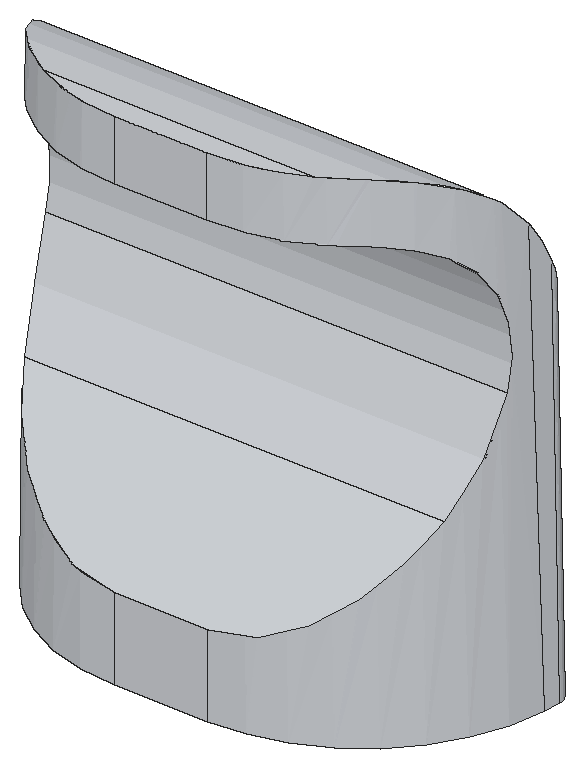
Revit family "Accessory-Cabinet_Knob-KOHLER-Avid-K-97030", category Specialty Equipment, host Face, Revit 2017
Family settings
  Host = Face
  Round Connector Dimension = Use Diameter
  Part Type = Normal
  OmniClass Number = 23.31.25.00
  OmniClass Title = Toilet and Bath Specialties
  Cut with Voids When Loaded = No
  Shared = No
  Room Calculation Point = No
Parameters (values of type "CP-Polished Chrome")
  Width = 1 5/16"  # constant formula
  WaterSense Certified = 1 = 0  # no
  URL = "https://www.us.kohler.com/us/"
  Type = 1
  Product Page URL = "http://www.us.kohler.com/us/catalog/productDetails.jsp?productNumber=97030"
  Product Name = "Avid"  # constant formula
  Product Documentation Link = "https://www.us.kohler.com/webassets/kpna/catalog/pdf/en/K-97030_spec.pdf"
  Model = if(Type = 1, "K-97030-CP", if(Type = 2, " K-97030-BN", "NA"))  # "K-97030-CP"
  Material = "Premium Metal Construction"  # constant formula
  Master Format 2014 Name = "Toilet, Bath, and Laundry Accessories"  # constant formula
  Master Format 2014 = "10 28 00"  # constant formula
  Manufacturer Address = "444 Highland Dr, Kohler, WI 53044"  # constant formula
  Manufacturer = "KOHLER Co."  # constant formula
  Length = 1 3/8"  # constant formula
  Height = 9/16"  # constant formula
  Finish = Kohler-Metal-CP-Polished_Chrome
  Environmental Product Declaration = ""
  Description = "cabinet knob"  # constant formula
  Default Elevation = 42"
  Declare Label = ""
  Date Modified = "03/31/2020"  # constant formula
  Date Created = "03/31/2020"  # constant formula
  Copyright = "Copyright KOHLER Co."  # constant formula
  Contact Us = "https://www.us.kohler.com/us/static/contact.jsp"
  Assembly Code = "C1030200"
  ADA Compliant = 1 = 0  # no
Types (2): name | Type | Model | Finish
  CP-Polished Chrome | 1 | "K-97030-CP" | Kohler-Metal-CP-Polished_Chrome
  BN-Vibrant Brushed Nickel | 2 | " K-97030-BN" | Kohler-Metal-BN-Vibrant_Brushed_Nickel
Reference planes (in)
  plane 1 "Center (Front/Back)": y = 0
  plane 2: z = 0
  plane 3 "Center (Left/Right)": x = 0
  plane 4: y = 0.28125
  plane 5: y = -0.28125
  plane 6: x = -0.65625
  plane 7: x = 0.65625
  plane 8: z = 1.375
Dimensions and locks (in)
  plane 4 to plane 5 = 9/16"
  "Width": plane 7 to plane 6
  "Height": plane 4 to plane 5
  "Length": level to plane 8
  aligned and locked: plane 2 to host face
  aligned and locked: level to host face
  aligned and locked: plane 3 "Center (Left/Right)" to nested 1
Automatic sketch dimensions
  host sketch curve to host sketch curve = 96"  (x2)
Nested families (in)
  nested 1: "K-97030" at (0, 0, 0), type "K-97030"
Definition of nested family "K-97030"
  Parameters (values of type "K-97030")
    Material = none
  Reference planes (in)
    plane 1 "Center (Front/Back)": y = 0
    plane 2: z = 0
    plane 3 "Center (Left/Right)": x = 0
    plane 4: y = 0.28125
    plane 5: y = -0.28125
    plane 6: z = 1.375
    plane 7: x = -0.65625
    plane 8: x = 0.65625
  Forms (in)
    Blend 1, solid, material <- "Material", detail levels medium+fine
      base sketch origin (0, 0, 0) x (1, 0, 0) y (0, 1, 0)
        loop
          line (0.62374, 0.28125) -> (-0.62374, 0.28125)
          arc (-0.62374, 0.28125) -> (-0.6478, 0.27066) -> (-0.65625, 0.24577) r 0.03263
          line (-0.65625, 0.24577) -> (-0.65238, 0.20158)
          arc (-0.65238, 0.20158) -> (-0.48281, -0.14229) -> (-0.12546, -0.28125) r 0.52893
          line (-0.12546, -0.28125) -> (0.12692, -0.28125)
          arc (0.12692, -0.28125) -> (0.48319, -0.1427) -> (0.65226, 0.20013) r 0.52734
          line (0.65226, 0.20013) -> (0.65625, 0.24577)
          arc (0.65625, 0.24577) -> (0.6478, 0.27066) -> (0.62374, 0.28125) r 0.03263
      top sketch origin (0, 0, 0) x (1, 0, 0) y (0, 1, 0)
        loop
          line (0.59609, 0.28125) -> (-0.59609, 0.28125)
          arc (-0.59609, 0.28125) -> (-0.62015, 0.27066) -> (-0.6286, 0.24577) r 0.03263
          line (-0.6286, 0.24577) -> (-0.62242, 0.17517)
          arc (-0.62242, 0.17517) -> (-0.46212, -0.14989) -> (-0.12433, -0.28125) r 0.5
          line (-0.12433, -0.28125) -> (0.12433, -0.28125)
          arc (0.12433, -0.28125) -> (0.46212, -0.14989) -> (0.62242, 0.17517) r 0.5
          line (0.62242, 0.17517) -> (0.6286, 0.24577)
          arc (0.6286, 0.24577) -> (0.62015, 0.27066) -> (0.59609, 0.28125) r 0.03263
      from 0 to 1.375
    Extrusion 2, void
      sketch origin (0, 0, 0) x (0, 1, 0) y (0, 0, 1)
        loop
          line (0.28125, 0.875) -> (0.28125, -0.03831) -> (0.40982, -0.03831) -> (0.40982, 1.52968) -> (-0.42481, 1.52968) -> (-0.42481, 0.04481) -> (-0.03216, 0.5297)
          arc (-0.03216, 0.5297) -> (0.05208, 0.6567) -> (0.11082, 0.79732) r 0.80332
          arc (0.11082, 0.79732) -> (0.06284, 1.08165) -> (-0.19453, 1.21169) r 0.31969
          line (-0.19453, 1.21169) -> (-0.28906, 1.21169) -> (-0.28906, 1.375) -> (-0.21875, 1.375)
          arc (-0.21875, 1.375) -> (0.1348, 1.22855) -> (0.28125, 0.875) r 0.5
      from -0.81865 to 0.80562
    Extrusion 3, solid, material <- "Material", detail levels coarse
      sketch origin (0, 0, 0) x (1, 0, 0) y (0, 1, 0)
        loop
          line (0.62374, 0.28125) -> (-0.62374, 0.28125)
          arc (-0.62374, 0.28125) -> (-0.6478, 0.27066) -> (-0.65625, 0.24577) r 0.03263
          line (-0.65625, 0.24577) -> (-0.65238, 0.20158)
          arc (-0.65238, 0.20158) -> (-0.48281, -0.14229) -> (-0.12546, -0.28125) r 0.52893
          line (-0.12546, -0.28125) -> (0.12546, -0.28125)
          arc (0.12546, -0.28125) -> (0.48281, -0.14229) -> (0.65238, 0.20158) r 0.52893
          line (0.65238, 0.20158) -> (0.65625, 0.24577)
          arc (0.65625, 0.24577) -> (0.6478, 0.27066) -> (0.62374, 0.28125) r 0.03263
      from 0 to 1.375
  Cuts and joins
    Extrusion 2 cuts Blend 1
  Lines and regions (in)
    Masking region 1
      outline origin (0, 0, 0) x (0, 1, 0) y (0, 0, 1)
        loop
          arc (0.28125, 0.875) -> (0.1348, 1.22855) -> (-0.21875, 1.375) r 0.5
          line (-0.21875, 1.375) -> (-0.25638, 1.375)
          arc (-0.25638, 1.375) -> (-0.27397, 1.36772) -> (-0.28125, 1.35013) r 0.02487
          line (-0.28125, 1.35013) -> (-0.28125, 1.23531)
          arc (-0.28125, 1.23531) -> (-0.27433, 1.21861) -> (-0.25763, 1.21169) r 0.02362
          line (-0.25763, 1.21169) -> (-0.19453, 1.21169)
          arc (-0.19453, 1.21169) -> (0.06284, 1.08165) -> (0.11082, 0.79732) r 0.31969
          arc (0.11082, 0.79732) -> (0.05208, 0.6567) -> (-0.03216, 0.5297) r 0.80332
          line (-0.03216, 0.5297) -> (-0.26631, 0.24054)
          arc (-0.26631, 0.24054) -> (-0.27741, 0.22073) -> (-0.28125, 0.19836) r 0.06703
          line (-0.28125, 0.19836) -> (-0.28125, 0.03906)
          arc (-0.28125, 0.03906) -> (-0.26981, 0.01144) -> (-0.24219, 0) r 0.03906
          line (-0.24219, 0) -> (0.24219, 0)
          arc (0.24219, 0) -> (0.26981, 0.01144) -> (0.28125, 0.03906) r 0.03906
          line (0.28125, 0.03906) -> (0.28125, 0.875)
    Masking region 2
      outline origin (0, 0, 0) x (1, 0, 0) y (0, 0, 1)
        loop
          line (0.36639, 1.375) -> (-0.36639, 1.375)
          spline (-0.36639, 1.375) -> (-0.40585, 1.37442) -> (-0.44244, 1.37233) -> (-0.47632, 1.36816) -> (-0.50726, 1.3614) -> (-0.53473, 1.35149) -> (-0.5584, 1.33801) -> (-0.57838, 1.32074) -> (-0.59446, 1.2996) -> (-0.60682, 1.2744) -> (-0.61634, 1.24572) -> (-0.62301, 1.21367) -> (-0.62669, 1.17831)
          arc (-0.62669, 1.17831) -> (-0.6354, 1.0709) -> (-0.63956, 0.96321) r 2.54765
          line (-0.63956, 0.96321) -> (-0.65568, 0.03974)
          arc (-0.65568, 0.03974) -> (-0.64449, 0.01168) -> (-0.61662, 0) r 0.03906
          line (-0.61662, 0) -> (0.61662, 0)
          arc (0.61662, 0) -> (0.64449, 0.01168) -> (0.65568, 0.03974) r 0.03906
          line (0.65568, 0.03974) -> (0.63956, 0.96321)
          arc (0.63956, 0.96321) -> (0.6354, 1.0709) -> (0.62669, 1.17831) r 2.54765
          spline (0.62669, 1.17831) -> (0.62301, 1.21367) -> (0.61634, 1.24572) -> (0.60682, 1.2744) -> (0.59446, 1.2996) -> (0.57838, 1.32074) -> (0.5584, 1.33801) -> (0.53473, 1.35149) -> (0.50726, 1.3614) -> (0.47632, 1.36816) -> (0.44244, 1.37233) -> (0.40585, 1.37442) -> (0.36639, 1.375)
    Masking region 3
      outline origin (0, 0, 0) x (1, 0, 0) y (0, 1, 0)
        loop
          line (0.62374, 0.28125) -> (-0.62374, 0.28125)
          arc (-0.62374, 0.28125) -> (-0.6478, 0.27066) -> (-0.65625, 0.24577) r 0.03263
          line (-0.65625, 0.24577) -> (-0.65238, 0.20158)
          arc (-0.65238, 0.20158) -> (-0.48281, -0.14229) -> (-0.12546, -0.28125) r 0.52893
          line (-0.12546, -0.28125) -> (0.12546, -0.28125)
          arc (0.12546, -0.28125) -> (0.48281, -0.14229) -> (0.65238, 0.20158) r 0.52893
          line (0.65238, 0.20158) -> (0.65625, 0.24577)
          arc (0.65625, 0.24577) -> (0.6478, 0.27066) -> (0.62374, 0.28125) r 0.03263
    symbolic lines, detail levels medium+fine
      curve 1: spline (-0.62672, 0.17896, 0) -> (-0.6275, 0.1858, 0) -> (-0.62827, 0.19244, 0) -> (-0.62902, 0.19886, 0) -> (-0.62976, 0.20506, 0) -> (-0.63048, 0.21103, 0) -> (-0.63118, 0.21679, 0) -> (-0.63187, 0.22231, 0) -> (-0.63253, 0.2276, 0) -> (-0.63318, 0.23265, 0) -> (-0.63381, 0.23747, 0) -> (-0.63443, 0.24205, 0) -> (-0.63502, 0.24639, 0)
      curve 2: arc (-0.63502, 0.24639, 0) -> (-0.6282, 0.27011, 0) -> (-0.60603, 0.28096, 0) r 0.03043
      curve 3: arc (-0.15954, -0.28125, 0) -> (-0.47446, -0.13371, 0) -> (-0.62672, 0.17896, 0) r 0.52176
      curve 4: spline (0.62672, 0.17896, 0) -> (0.6275, 0.1858, 0) -> (0.62827, 0.19244, 0) -> (0.62902, 0.19886, 0) -> (0.62976, 0.20506, 0) -> (0.63048, 0.21103, 0) -> (0.63118, 0.21679, 0) -> (0.63187, 0.22231, 0) -> (0.63253, 0.2276, 0) -> (0.63318, 0.23265, 0) -> (0.63381, 0.23747, 0) -> (0.63443, 0.24205, 0) -> (0.63502, 0.24639, 0)
      curve 5: arc (0.63502, 0.24639, 0) -> (0.6282, 0.27011, 0) -> (0.60603, 0.28096, 0) r 0.03043
      curve 6: arc (0.18665, -0.27786, 0) -> (0.48407, -0.124, 0) -> (0.62672, 0.17896, 0) r 0.52176
      curve 7: line (-0.38533, -0.20416, 0) -> (-0.62268, 0.11082, 0)
      curve 8: spline (-0.62268, 0.11082, 0) -> (-0.62156, 0.10273, 0) -> (-0.61978, 0.09388, 0) -> (-0.61737, 0.0843, 0) -> (-0.61431, 0.074, 0) -> (-0.61062, 0.06299, 0) -> (-0.6063, 0.0513, 0) -> (-0.60136, 0.03894, 0) -> (-0.59581, 0.02593, 0) -> (-0.58965, 0.0123, 0) -> (-0.58289, -0.00195, 0) -> (-0.57555, -0.01677, 0) -> (-0.56764, -0.03216, 0)
      curve 9: arc (-0.56764, -0.03216, 0) -> (-0.51541, -0.10909, 0) -> (-0.44712, -0.17221, 0) r 0.40802
      curve 10: line (0.38533, -0.20416, 0) -> (0.62268, 0.11082, 0)
      curve 11: spline (0.62268, 0.11082, 0) -> (0.62156, 0.10273, 0) -> (0.61978, 0.09388, 0) -> (0.61737, 0.0843, 0) -> (0.61431, 0.074, 0) -> (0.61062, 0.06299, 0) -> (0.6063, 0.0513, 0) -> (0.60136, 0.03894, 0) -> (0.59581, 0.02593, 0) -> (0.58965, 0.0123, 0) -> (0.58289, -0.00195, 0) -> (0.57555, -0.01677, 0) -> (0.56764, -0.03216, 0)
      curve 12: arc (0.56764, -0.03216, 0) -> (0.51541, -0.10909, 0) -> (0.44712, -0.17221, 0) r 0.40802
      curve 13: line (0.63746, 0, 1.03125) -> (-0.63746, 0, 1.03125)
  Dimensions and locks (in)
    plane 6 to level = 1 3/8"
    locked: plane 5 to plane 4 at 0.5625
    locked: plane 4 to plane 5 at 0.5625
    aligned and locked: plane 2 to level
